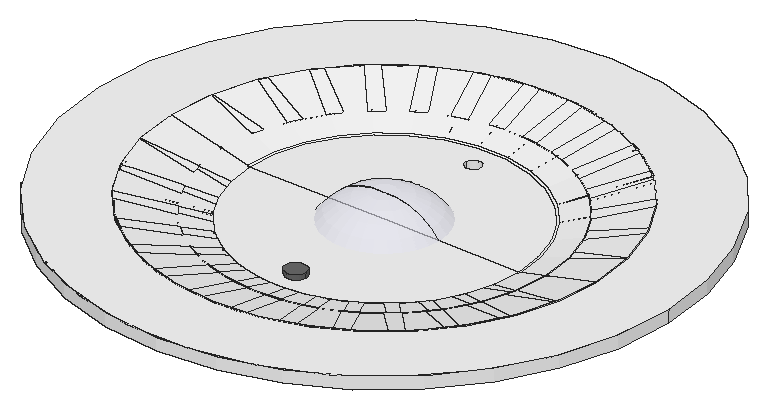
Revit family "Clevertronics_LLIFE-RECSP", category Lighting Fixtures, host Face, Revit 2020
Family settings
  Host = Face
  Round Connector Dimension = Use Diameter
  Part Type = Normal
  Cut with Voids When Loaded = No
  Light Source = Yes
  Shared = No
  Room Calculation Point = No
Parameters (values of type "LLIFE-RECSP-HV-BLK_AUD01820060001")
  Wattage = 42.8 W
  built-in parameter 1150110 = 1 (stored number, unit not read)
  built-in parameter 1150109 = 1 (stored number, unit not read)
  built-in parameter 1150134 = 12
  built-in parameter 1150113 = 1 (stored number, unit not read)
  Clevertronics_Minimum Ceiling Depth = "120mm"  # constant formula
  Clevertronics_Emergency Lamp = "1100762"
  Clevertronics_Ceiling Hole Cut-Out = "80mm"  # constant formula
  Tilt Angle = -90.00°
  Photometric Web File = "LLIFE-RECSP-HV_AUD01820020001_IESA_E_LL24373A_202211301210.ies"
  Model = "LLIFE-RECSP-HV-BLK"
  Manufacturer = "Clevertronics"  # constant formula
  Description = "Lifelight IP44 Splashproof Emergency, Recessed Mount, L10 Nanophosphate, Zoneworks XT Hive, Black"
  CreatedBy = ""
  Clevertronics_Width = 51 mm
  Clevertronics_Weight = ""
  Clevertronics_Viewing Distance = ""
  Clevertronics_Total Lumen Output = ""
  Clevertronics_Testing System = "Zoneworks XT HIVE (RF)"
  Clevertronics_Testing Node = "8003190"
  Clevertronics_Replacement Battery = "1530010"  # constant formula
  Clevertronics_Product Description = "Lifelight IP44 Splashproof Emergency, Recessed Mount, L10 Nanophosphate, Zoneworks XT Hive, Black"
  Clevertronics_Power Consumption = "1.3 Watts (Standby), 4.5 Watts (Max)"
  Clevertronics_Other Modules = ""
  Clevertronics_Operating Voltage = "240V AC; 50Hz"  # constant formula
  Clevertronics_Operating Temperature = "1˚C to 40˚C"  # constant formula
  Clevertronics_Operating Mode = "Non-maintained"  # constant formula
  Clevertronics_Mounting = "Recessed Ceiling"  # constant formula
  Clevertronics_Material = Clevertronics_Plycarbonate Base
  Lumens = 6259.07 lm
  built-in parameter 1114217 = 1 (stored number, unit not read)
  built-in parameter 1150115 = 1 (stored number, unit not read)
  built-in parameter 1150105 = 498.08 (stored number, unit not read)
  built-in parameter 1150137 = 1
  built-in parameter 1150139 = (empty or 0)
  built-in parameter 1150112 = 1 (stored number, unit not read)
  built-in parameter 1150114 = 1 (stored number, unit not read)
  Lamp = "Single LED (Lifetime warranty on the lamp head and loom assembly)"  # constant formula
  built-in parameter 1150132 = (empty or 0)
  built-in parameter 1150102 = (empty or 0)
  built-in parameter 1150138 = (empty or 0)
  built-in parameter 1150107 = 4000 (stored number, unit not read)
  built-in parameter 1150106 = 4.9808 (stored number, unit not read)
  built-in parameter 1150104 = 13.586 (stored number, unit not read)
  Dimming Lamp Color Temperature Shift = <None>
  Default Elevation = 1200 mm
  Color Filter = 16777215
  Clevertronics_Stacked Symbol Position [instance] = 0
  Clevertronics_MIC Number = "AUD01820060001"
  Clevertronics_Length = 232 mm
  Clevertronics_IP Rating = "IP44 (parts below ceiling) IP20 (parts above ceiling)"  # constant formula
  Clevertronics_Height = 42 mm
  Clevertronics_Emergency Driver = "AUM01870020001\r\nLLIFE-CKIT\r\nAUM01370030002\r\nLLIFE-CKIT\r\nAUM01370030002\r\nLLIFE-CKIT\r\nAUM01370030002 LLIFE-CKIT"
  Clevertronics_Dimensions Main Enclosure = "232mm x 51mm x 42mm (Control pack)_95mm Head diameter"  # constant formula
  Clevertronics_Construction = "PC/ABS head"  # constant formula
  Clevertronics_Charger Method = "Intelligent current limited constant voltage"  # constant formula
  Clevertronics_Battery Type = "Lithium Nanophosphate"  # constant formula
  Clevertronics_Battery = "3.3V 2500mAh"  # constant formula
  Clevertronics_Applicable Standards = "AS/NZS3820, CISPR15, AS/NZS2293.3"  # constant formula
  Clevertronics_Annotation Vertical Offset [instance] = 0 mm
  Clevertronics_Annotation Size = 0 mm
  Clevertronics_Annotation Horizontal Offset [instance] = 0 mm
  Clevertronics_AS2293 Classification = "C0=D50 C90=D50"  # constant formula
  Clevertronics_240V LED Strip = ""
  Clevertronics_240V Driver = ""
  built-in parameter 1140040 [instance] = 1
  built-in parameter 1114218 = 1 (stored number, unit not read)
  built-in parameter 1150133 = 10 (stored number, unit not read)
  Assembly Code = ""
  Apparent Load = 4.5 VA  # constant formula
Types (8, lengths in mm): name | Clevertronics_Emergency Lamp | Model | Description | Clevertronics_Weight | Clevertronics_Testing System | Clevertronics_Testing Node | Clevertronics_Product Description | Clevertronics_Power Consumption | Clevertronics_MIC Number | Clevertronics_Emergency Driver
  LLIFE-RECSP-ZW_AUD01120020001 | "8050260" | "LLIFE-RECSP-ZW" | "L10 Optimum Lifelight, Recessed Emergency Light with IP44 Splash Proof Head" | "N/A" | "Zoneworks Computerised Testing" | "8001450" | "L10 Optimum Lifelight, Recessed Emergency Light with IP44 Splash Proof Head" | "1.3 Watts (Standby), 4.5 Watts (Max)" | "AUD01120020001" | "AUM01170040001 LLIFE-CKIT-ZW"
  LLIFE-RECSP_AUD01320020001 | "1100760" | "LLIFE-RECSP" | "L10 Optimum Lifelight, High Performance, Recessed Emergency Light with IP44 Splash Proof Head, Enabled with Clevertest Plus\r\nIP44 Splash Proof Head, Enabled with Clevertest Plus\r\nL10 Optimum Lifelight, High Performance, Recessed Emergency Light with\r\nIP44 Splash Proof Head, Enabled with Clevertest Plus\r\nL10 Optimum Lifelight, High Performance, Recessed Emergency Light with IP44 Splash Proof Head, Enabled with Clevertest Plus" | "N/A" | "Clevertest Plus Enabled (Not activated by default)" | "" | "L10 Optimum Lifelight, High Performance, Recessed Emergency Light with IP44 Splash Proof Head, Enabled with Clevertest Plus\r\nIP44 Splash Proof Head, Enabled with Clevertest Plus\r\nL10 Optimum Lifelight, High Performance, Recessed Emergency Light with\r\nIP44 Splash Proof Head, Enabled with Clevertest Plus\r\nL10 Optimum Lifelight, High Performance, Recessed Emergency Light with IP44 Splash Proof Head, Enabled with Clevertest Plus" | "1.0 Watts (Standby), 4.2 Watts (Max)" | "AUD01320020001" | "AUM01370030002\r\nLLIFE-CKIT\r\nAUM01370030002\r\nLLIFE-CKIT\r\nAUM01370030002\r\nLLIFE-CKIT\r\nAUM01370030002 LLIFE-CKIT"
  LLIFE-RECSP-BLK_AUD01320030001 | "1100762" | "LLIFE-RECSP-BLK" | "L10 Optimum Lifelight, High Performance, Recessed Emergency Light with IP44 Splash Proof Head, Black, Enabled with Clevertest Plus\r\nIP44 Splash Proof Head, Enabled with Clevertest Plus\r\nL10 Optimum Lifelight, High Performance, Recessed Emergency Light with\r\nL10 Optimum Lifelight, High Performance, Recessed Emergency Light with IP44 Splash Proof Head, Enabled with Clevertest Plus\r\nL10 Optimum Lifelight, High Performance, Recessed Emergency Light with IP44 Splash Proof Head, Enabled with Clevertest Plus" | "N/A" | "Clevertest Plus Enabled (Not activated by default)" | "" | "L10 Optimum Lifelight, High Performance, Recessed Emergency Light with IP44 Splash Proof Head, Black, Enabled with Clevertest Plus\r\nIP44 Splash Proof Head, Enabled with Clevertest Plus\r\nL10 Optimum Lifelight, High Performance, Recessed Emergency Light with\r\nL10 Optimum Lifelight, High Performance, Recessed Emergency Light with IP44 Splash Proof Head, Enabled with Clevertest Plus\r\nL10 Optimum Lifelight, High Performance, Recessed Emergency Light with IP44 Splash Proof Head, Enabled with Clevertest Plus" | "1.0 Watts (Standby), 4.2 Watts (Max)" | "AUD01320030001" | "AUM01370030002\r\nLLIFE-CKIT\r\nAUM01370030002\r\nLLIFE-CKIT\r\nAUM01370030002\r\nLLIFE-CKIT\r\nAUM01370030002 LLIFE-CKIT"
  LLIFE-RECSP-DALI_AUD01220020002 | "1100760" | "LLIFE-RECSP-DALI" | "Lifelight IP44 Splashproof Emergency, Recessed Mount, L10 Nanophosphate, DALI Emergency" | "0.8" | "DALI Registered" | "8003060" | "Lifelight IP44 Splashproof Emergency, Recessed Mount, L10 Nanophosphate, DALI Emergency" | "1.3 Watts (Standby), 4.5 Watts (Max)" | "AUD01220020002" | "AUM01270310002\r\nLLIFE-CKIT\r\nAUM01370030002\r\nLLIFE-CKIT\r\nAUM01370030002\r\nLLIFE-CKIT\r\nAUM01370030002 LLIFE-CKIT"
  LLIFE-RECSP-DALI-BLK_AUD01210110002 | "1100762" | "LLIFE-RECSP-DALI-BLK" | "Lifelight IP44 Splashproof Emergency, Recessed Mount, L10 Nanophosphate, DALI Emergency, Black" | "0.8" | "DALI Registered" | "8003060" | "Lifelight IP44 Splashproof Emergency, Recessed Mount, L10 Nanophosphate, DALI Emergency, Black" | "1.3 Watts (Standby), 4.5 Watts (Max)" | "AUD01210110002" | "AUM01270310002\r\nLLIFE-CKIT\r\nAUM01370030002\r\nLLIFE-CKIT\r\nAUM01370030002\r\nLLIFE-CKIT\r\nAUM01370030002 LLIFE-CKIT"
  LLIFE-RECSP-HV_AUD01820020001 | "1100760" | "LLIFE-RECSP-HV" | "Lifelight IP44 Splashproof Emergency, Recessed Mount, L10 Nanophosphate, Zoneworks XT Hive" | "" | "Zoneworks XT HIVE (RF)" | "8003190" | "Lifelight IP44 Splashproof Emergency, Recessed Mount, L10 Nanophosphate, Zoneworks XT Hive" | "1.3 Watts (Standby), 4.5 Watts (Max)" | "AUD01820020001" | "AUM01870020001\r\nLLIFE-CKIT\r\nAUM01370030002\r\nLLIFE-CKIT\r\nAUM01370030002\r\nLLIFE-CKIT\r\nAUM01370030002 LLIFE-CKIT"
  LLIFE-RECSP-HV-BLK_AUD01820060001 | "1100762" | "LLIFE-RECSP-HV-BLK" | "Lifelight IP44 Splashproof Emergency, Recessed Mount, L10 Nanophosphate, Zoneworks XT Hive, Black" | "" | "Zoneworks XT HIVE (RF)" | "8003190" | "Lifelight IP44 Splashproof Emergency, Recessed Mount, L10 Nanophosphate, Zoneworks XT Hive, Black" | "1.3 Watts (Standby), 4.5 Watts (Max)" | "AUD01820060001" | "AUM01870020001\r\nLLIFE-CKIT\r\nAUM01370030002\r\nLLIFE-CKIT\r\nAUM01370030002\r\nLLIFE-CKIT\r\nAUM01370030002 LLIFE-CKIT"
  LLIFE-RECSP-HVG_AUD01920030001 | "1100760" | "LLIFE-RECSP-HVG" | "Lifelight IP44 Splashproof Emergency, Recessed Mount, L10 Nanophosphate, Zoneworks XT Hive" | "" | "Zoneworks XT HIVE (RF) 2.4GHz" | "8003560" | "Lifelight IP44 Splashproof Emergency, Recessed Mount, L10 Nanophosphate, \r\nZoneworks XT Hive\r\nLifelight IP44 Splashproof Emergency, Recessed Mount, L10 Nanophosphate, \r\nZoneworks XT Hive\r\nLifelight IP44 Splashproof Emergency, Recessed Mount, L10 Nanophosphate, Zoneworks XT Hive" | "1.3 Watts (Standby), 4.5 Watts (Max)" | "AUD01920030001" | "AUM01970100001\r\nLLIFE-CKIT\r\nAUM01370030002\r\nLLIFE-CKIT\r\nAUM01370030002\r\nLLIFE-CKIT\r\nAUM01370030002 LLIFE-CKIT"
Reference planes
  plane 1 "Center (Front/Back)": y = 0
  plane 2: z = 0
  plane 3 "Center (Left/Right)": x = 0
  plane 4: y = -203.503
  plane 5: y = 0.604
Forms (mm)
  Extrusion 1, solid, material "Clevertronics_Plycarbonate Base"
    sketch origin (0, 0, 0) x (1, 0, 0) y (0, 1, 0)
      loop
        circle (0, 0) r 47.616
    from 1.124 to 3.193
  Blend 2, solid, material "Clevertronics_Plycarbonate Base"
    base sketch origin (0, 0, 0) x (1, 0, 0) y (0, 1, 0)
      loop
        circle (0, 0) r 46.331
    top sketch origin (0, 0, 0) x (1, 0, 0) y (0, 1, 0)
      loop
        circle (0, 0) r 45.448
    from 1.124 to 0
  Blend 3, void
    base sketch origin (0, 0, 0) x (1, 0, 0) y (0, 1, 0)
      loop
        circle (0, 0) r 35.627
    top sketch origin (0, 0, 0) x (1, 0, 0) y (0, 1, 0)
      loop
        circle (0, 0) r 22.5
    from 3.193 to 0
  Revolve 4, solid, material "Cleavertronics_Glass"
    sketch origin (0, 0, 0) x (1, 0, 0) y (0, 0, 1)
      loop
        line (0, -2.178) -> (10.59, -2.178)
        arc (10.59, -2.178) -> (6.274, 2.588) -> (0, 3.992) r 10.625
        line (0, 3.992) -> (0, -2.178)
      axis (0, 3.992) -> (0, -2.178)
    angle from 0 to 360
  Revolve 5, solid, material "Clevertronics_Plycarbonate Base"
    sketch origin (0, 0, 0) x (1, 0, 0) y (0, 0, 1)
      loop
        line (35.627, 3.193) -> (22.5, 0) -> (0, 0) -> (0, -2.086) -> (22.431, -2.086) -> (35.627, 1.124) -> (35.627, 3.193)
      axis (0, -2.086) -> (0, 3.193)
    angle from 0 to 360
  Extrusion 6, solid, material "Clevertronics_BLK"
    sketch origin (0, 0, 0) x (1, 0, 0) y (0, 1, 0)
      loop
        circle (0, -18.512) r 1.69
    from -4.31 to 0.69
  Extrusion 7, void
    sketch origin (0, 0, 0) x (1, 0, 0) y (0, 1, 0)
      loop
        circle (0.078, 18.488) r 1.286
    from -2.81 to 10.028
Cuts and joins
  Blend 3 cuts Extrusion 1
  Blend 3 cuts Blend 2
  Extrusion 7 cuts Revolve 5
Dimensions and locks
  aligned and locked: host face to plane 2
  aligned and locked: host face to level
Connectors
  electrical at (0, 0, -2.086)
    settings: on cut or joined group of Revolve 5, Extrusion 7, index 1, voltage 240 V, apparent load 0 VA, apparent load phase1 0 VA, apparent load phase2 0 VA, apparent load phase3 0 VA, power factor 1, load classification "Autre", number of poles 1, system type 31, power factor state 1, is connector primary yes, connector utility no, sub classification motor no, connector description ""
